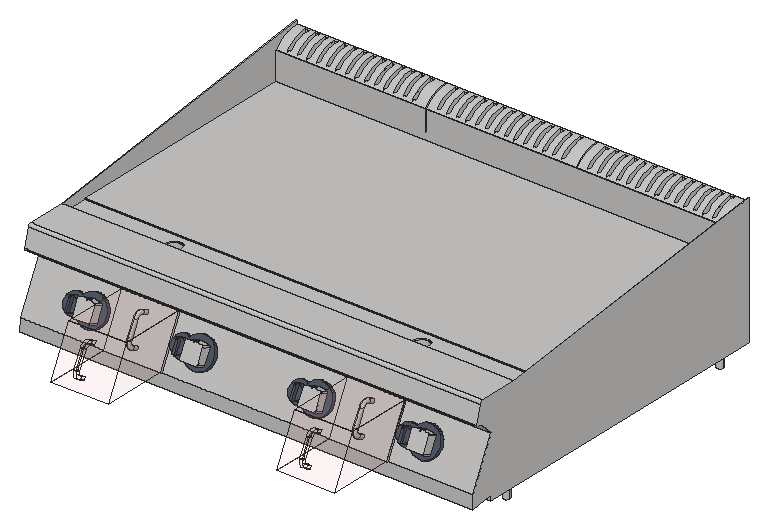
Revit family "QF_ZANUSSI_392406_Z9IIKAAOMIA", category Specialty Equipment, Revit 2018
Family settings
  Round Connector Dimension = Use Diameter
  Part Type = Normal
  Work Plane-Based = No
  Always vertical = Yes
  Cut with Voids When Loaded = No
  Shared = No
  Room Calculation Point = No
Parameters (values of type "Standard")
  Weight = 150.00 kg
  Watts = 0 W
  Volts = 0 V
  URL Manufacturer = "http://www.zanussiprofessional.com"
  URL = "http://www.zanussiprofessional.com"
  Steam Supply Size = 0"
  Steam Supply Minimum Pressure = 0.00 psi
  Steam Supply Maximum Pressure = 0.00 psi
  Steam Pounds per Hour = 0
  Show Logo [instance] = yes
  Show Clearance [instance] = yes
  Refrigeration Suction Line Size = 0"
  Refrigeration Liquid Line Size = 0"
  Refrigerant Compressor Remote = yes
  Phase = 0
  Model = "Z9IIKAAOMIA"
  Manufacturer = "Zanussi"
  Length Actual = 1200 mm  # constant formula
  Item Number = "392406"
  Hot Water Size = 0"
  Height Actual = 250 mm  # constant formula
  HP = "0 HP"
  Gas Size = 1/2"
  Gas KW = 33
  Gas Input Pressure = 1.10632 Btu/h
  Direct Waste Size = 0"
  Description = "GAS FRY TOP HP SMOOTH 1200MM - SCRATCH RESISTANT CHROMIUM"
  Depth Actual = 930 mm  # constant formula
  Cycle = 0 Hz
  Condensate Return Size = 0"
  Compressed Air Volume = 0 GPM
  Compressed Air Size = 0"
  Compressed Air Pressure = 0.00 psi
  Cold Water Size = 0"
  Accessory = yes
Reference planes
  plane 1 "BACK": y = 0
  plane 2: z = 0
  plane 3 "LEFT": x = 0
  plane 4 "RIGHT": x = 1200
  plane 5 "FRONT": y = -915
  plane 6 "TOP": z = 274
  plane 7 "Center Y": x = 600
  plane 8 "Center X": y = -457.5
  plane 9: y = -1106
  plane 10: z = 24
  plane 11: z = 290
  plane 12: z = 410
  plane 13: x = 11
  plane 14: x = 1189
  plane 15: z = 900
  plane 16: z = 995
Forms (mm)
  Extrusion 1, solid, material "QF_Finishes_Stainless Steel"
    sketch origin (0, 0, 626) x (0, 1, 0) y (0, 0, 1)
      loop
        line (0, 24) -> (0, 274) -> (-879.358, 274)
        arc (-879.358, 274) -> (-884.643, 271.811) -> (-886.833, 266.526) r 7.474
        line (-886.833, 266.526) -> (-899.884, 221.011)
        arc (-899.884, 221.011) -> (-899.396, 218.379) -> (-897, 217.184) r 3
        line (-897, 217.184) -> (-886.802, 217.184) -> (-854.982, 185.364) -> (-915, 64.508) -> (-915, 29.508) -> (-858.645, 37.428)
        arc (-858.645, 37.428) -> (-856.101, 36.674) -> (-855, 34.259) r 3.2
        line (-855, 34.259) -> (-855, 24) -> (0, 24)
    from 0 to 1200
  Extrusion 2, solid, material "QF_Finishes_Stainless Steel"
    sketch origin (0, -1, 626) x (1, 0, 0) y (0, 1, 0)
      loop
        circle (11, -81) r 8.5
      loop
        circle (11, -789) r 8.5
      loop
        circle (1191, -81) r 8.5
      loop
        circle (1191, -789) r 8.5
    from 0 to 24
  Extrusion 3, solid, material "QF_Finishes_Stainless Steel"
    sketch origin (635, 203.692, 900) x (0, -1, 0) y (1, 0, 0)
      loop
        line (273.542, 563.412) -> (273.542, -633.413) -> (275.13, -633.413) -> (275.13, 563.412) -> (273.542, 563.412)
    from 0 to 56.233
  Extrusion 4, void
    sketch origin (0, 0, 900) x (0, -1, 0) y (1, 0, 0)
      loop
        line (71.438, 1.587) -> (777.539, 1.587) -> (777.539, 1198.412) -> (71.438, 1198.412) -> (71.438, 1.587)
    from 0 to -21.588
  Extrusion 5, solid, material "QF_Finishes_Stainless Steel"
    sketch origin (0, 0, 650) x (-1, 0, 0) y (0, 1, 0)
      loop
        circle (-1153, -40) r 6.35
      loop
        circle (-1153, -654) r 6.35
    from 0 to 5
  Extrusion 6, solid, material "QF_Clearances", visible <- "Show Clearance", detail levels coarse
    sketch origin (0, 0, 626) x (1, 0, 0) y (0, 1, 0)
      loop
        line (0, 0) -> (1200, 0) -> (1200, -915) -> (1350, -915) -> (1350, 100) -> (-150, 100) -> (-150, -915) -> (0, -915) -> (0, 0)
    from 0 to 369
  Extrusion 7, solid, material "QF_Finishes_Stainless Steel"
    sketch origin (0, 0, 626) x (0, 1, 0) y (0, 0, 1)
      loop
        line (-777.539, 254) -> (-777.539, 252.413) -> (-81.438, 252.413) -> (-81.438, 254) -> (-777.539, 254)
    from 1.587 to 1198.412
  Extrusion 8, void
    sketch origin (656.521, 0, 626) x (1, 0, 0) y (0, 1, 0)
      loop
        circle (271.879, -743.736) r 20
    from 235.859 to 256.719
  Extrusion 9, solid, material "QF_Finishes_Stainless Steel"
    sketch origin (-15.442, 0, 626) x (0, 1, 0) y (0, 0, 1)
      loop
        line (0, 274) -> (0, 369) -> (-777.539, 274) -> (0, 274)
    from 15.442 to 17.03
  Extrusion 10, solid, material "QF_Finishes_Stainless Steel"
    sketch origin (23.617, -107.539, 881) x (-1, 0, 0) y (0, 1, 0)
      loop
        line (22.03, -600) -> (22.03, 36.101) -> (-1174.795, 36.101) -> (-1174.795, -600) -> (22.03, -600)
    from 0 to -2
  Extrusion 11, solid, material "QF_Finishes_Stainless Steel"
    sketch origin (0, 0, 655.962) x (0, 1, 0) y (0, 0, 1)
      loop
        line (0, 244.038) -> (0, 331.354)
        arc (0, 331.354) -> (-38.768, 324.268) -> (-69.85, 300.038) r 82.671
        line (-69.85, 300.038) -> (-69.85, 244.038) -> (0, 244.038)
    from 1.588 to 400
  Extrusion 12, void
    sketch origin (0, 0, 930.6) x (0, -1, 0) y (1, 0, 0)
      loop
        line (6.761, 29.703) -> (63.911, 29.703) -> (63.911, 38.999) -> (6.761, 38.999) -> (6.761, 29.703)
      loop
        line (63.911, 64.487) -> (6.761, 64.487) -> (6.761, 55.191) -> (63.911, 55.191) -> (63.911, 64.487)
      loop
        line (63.911, 89.975) -> (6.761, 89.975) -> (6.761, 80.68) -> (63.911, 80.68) -> (63.911, 89.975)
      loop
        line (63.911, 115.464) -> (6.761, 115.464) -> (6.761, 106.168) -> (63.911, 106.168) -> (63.911, 115.464)
      loop
        line (63.911, 140.952) -> (6.761, 140.952) -> (6.761, 131.656) -> (63.911, 131.656) -> (63.911, 140.952)
      loop
        line (63.911, 166.44) -> (6.761, 166.44) -> (6.761, 157.145) -> (63.911, 157.145) -> (63.911, 166.44)
      loop
        line (63.911, 191.929) -> (6.761, 191.929) -> (6.761, 182.633) -> (63.911, 182.633) -> (63.911, 191.929)
      loop
        line (63.911, 217.417) -> (6.761, 217.417) -> (6.761, 208.121) -> (63.911, 208.121) -> (63.911, 217.417)
      loop
        line (63.911, 242.905) -> (6.761, 242.905) -> (6.761, 233.61) -> (63.911, 233.61) -> (63.911, 242.905)
      loop
        line (63.911, 268.394) -> (6.761, 268.394) -> (6.761, 259.098) -> (63.911, 259.098) -> (63.911, 268.394)
      loop
        line (63.911, 293.882) -> (6.761, 293.882) -> (6.761, 284.586) -> (63.911, 284.586) -> (63.911, 293.882)
      loop
        line (63.911, 319.37) -> (6.761, 319.37) -> (6.761, 310.075) -> (63.911, 310.075) -> (63.911, 319.37)
      loop
        line (63.911, 344.859) -> (6.761, 344.859) -> (6.761, 335.563) -> (63.911, 335.563) -> (63.911, 344.859)
      loop
        line (63.911, 370.347) -> (6.761, 370.347) -> (6.761, 361.051) -> (63.911, 361.051) -> (63.911, 370.347)
    from 25.4 to 63.5
  Extrusion 13, solid, material "QF_Finishes_Stainless Steel"
    sketch origin (800, 0, 655.962) x (0, 1, 0) y (0, 0, -1)
      loop
        line (0, -244.038) -> (-69.85, -244.038) -> (-69.85, -300.038)
        arc (-69.85, -300.038) -> (-38.626, -323.809) -> (0, -330.737) r 83.705
        line (0, -330.737) -> (0, -244.038)
    from 0 to 400
  Extrusion 14, void
    sketch origin (596.143, 0, 930.6) x (0, -1, 0) y (1, 0, 0)
      loop
        line (6.761, 170.297) -> (6.761, 161.001) -> (63.911, 161.001) -> (63.911, 170.297) -> (6.761, 170.297)
      loop
        line (63.911, 135.513) -> (63.911, 144.809) -> (6.761, 144.809) -> (6.761, 135.513) -> (63.911, 135.513)
      loop
        line (63.911, 110.025) -> (63.911, 119.32) -> (6.761, 119.32) -> (6.761, 110.025) -> (63.911, 110.025)
      loop
        line (63.911, 84.536) -> (63.911, 93.832) -> (6.761, 93.832) -> (6.761, 84.536) -> (63.911, 84.536)
      loop
        line (63.911, 59.048) -> (63.911, 68.344) -> (6.761, 68.344) -> (6.761, 59.048) -> (63.911, 59.048)
      loop
        line (63.911, 33.56) -> (63.911, 42.855) -> (6.761, 42.855) -> (6.761, 33.56) -> (63.911, 33.56)
      loop
        line (63.911, 8.071) -> (63.911, 17.367) -> (6.761, 17.367) -> (6.761, 8.071) -> (63.911, 8.071)
      loop
        line (63.911, -17.417) -> (63.911, -8.121) -> (6.761, -8.121) -> (6.761, -17.417) -> (63.911, -17.417)
      loop
        line (63.911, -42.905) -> (63.911, -33.61) -> (6.761, -33.61) -> (6.761, -42.905) -> (63.911, -42.905)
      loop
        line (63.911, -68.394) -> (63.911, -59.098) -> (6.761, -59.098) -> (6.761, -68.394) -> (63.911, -68.394)
      loop
        line (63.911, -93.882) -> (63.911, -84.586) -> (6.761, -84.586) -> (6.761, -93.882) -> (63.911, -93.882)
      loop
        line (63.911, -119.37) -> (63.911, -110.075) -> (6.761, -110.075) -> (6.761, -119.37) -> (63.911, -119.37)
      loop
        line (63.911, -144.859) -> (63.911, -135.563) -> (6.761, -135.563) -> (6.761, -144.859) -> (63.911, -144.859)
      loop
        line (63.911, -170.347) -> (63.911, -161.051) -> (6.761, -161.051) -> (6.761, -170.347) -> (63.911, -170.347)
    from 25.4 to 63.5
  Extrusion 15, solid, material "QF_Finishes_Stainless Steel"
    sketch origin (170, -884.991, 750.936) x (1, 0, 0) y (0, 0.444781, 0.895639)
      loop
        arc (-21.147, 22.789) -> (-22.494, 21.685) -> (-23, 20.019) r 2.997
        line (-23, 20.019) -> (-23, -20.019)
        arc (-23, -20.019) -> (-22.122, -22.138) -> (-20.003, -23.016) r 2.997
        line (-20.003, -23.016) -> (20.003, -23.016)
        arc (20.003, -23.016) -> (22.122, -22.138) -> (23, -20.019) r 2.997
        line (23, -20.019) -> (23, 20.019)
        arc (23, 20.019) -> (22.494, 21.685) -> (21.147, 22.789) r 2.997
        arc (21.147, 22.789) -> (0, 26.984) -> (-21.147, 22.789) r 55.4
    from 10 to 34
  Extrusion 16, solid, material "QF_Finishes_Stainless Steel"
    sketch origin (170, -884.991, 750.936) x (1, 0, 0) y (0, 0.444781, 0.895639)
      loop
        line (17.5, 17.5) -> (-17.5, 17.5) -> (-17.5, -17.5) -> (17.5, -17.5) -> (17.5, 17.5)
    from 5 to 10
  Extrusion 17, solid, material "QF_Plastic-Black-Matte"
    sketch origin (112.5, -884.991, 750.936) x (0, 0.444781, 0.895639) y (0, 0.895639, -0.444781)
      loop
        line (26.984, -34) -> (23.984, -34) -> (23.984, -35) -> (26.984, -35)
        arc (26.984, -35) -> (27.691, -34.707) -> (27.984, -34) r 1
        line (27.984, -34) -> (27.984, -19) -> (26.984, -19) -> (26.984, -34)
    from -58.5 to -56.5
  Extrusion 18, solid, material "QF_Finishes_Stainless Steel"
    sketch origin (655, -884.991, 750.936) x (1, 0, 0) y (0, 0.444781, 0.895639)
      loop
        arc (378.853, 22.789) -> (377.506, 21.685) -> (377, 20.019) r 2.997
        line (377, 20.019) -> (377, -20.019)
        arc (377, -20.019) -> (377.878, -22.138) -> (379.997, -23.016) r 2.997
        line (379.997, -23.016) -> (420.003, -23.016)
        arc (420.003, -23.016) -> (422.122, -22.138) -> (423, -20.019) r 2.997
        line (423, -20.019) -> (423, 20.019)
        arc (423, 20.019) -> (422.494, 21.685) -> (421.147, 22.789) r 2.997
        arc (421.147, 22.789) -> (400, 26.984) -> (378.853, 22.789) r 55.4
    from 10 to 34
  Extrusion 19, solid, material "QF_Finishes_Stainless Steel"
    sketch origin (655, -884.991, 750.936) x (1, 0, 0) y (0, 0.444781, 0.895639)
      loop
        line (417.5, 17.5) -> (382.5, 17.5) -> (382.5, -17.5) -> (417.5, -17.5) -> (417.5, 17.5)
    from 5 to 10
  Extrusion 20, solid, material "QF_Plastic-Black-Matte"
    sketch origin (997.5, -884.991, 750.936) x (0, 0.444781, 0.895639) y (0, 0.895639, -0.444781)
      loop
        line (26.984, -34) -> (23.984, -34) -> (23.984, -35) -> (26.984, -35)
        arc (26.984, -35) -> (27.691, -34.707) -> (27.984, -34) r 1
        line (27.984, -34) -> (27.984, -19) -> (26.984, -19) -> (26.984, -34)
    from -58.5 to -56.5
  Extrusion 21, solid, material "QF_Finishes_Stainless Steel"
    sketch origin (498.735, -295.047, 230.1) x (0, 0.444781, 0.895639) y (-1, 0, 0)
      loop
        line (136.616, 122.735) -> (271.616, 122.735) -> (271.616, 274.735) -> (136.616, 274.735) -> (136.616, 122.735)
    from 760.035 to 763.551
  Sweep 22, solid, material "QF_Finishes_Stainless Steel"
    path origin (298.545, 126.359, 733.982) x (0, -0.444781, -0.895639) y (0, -0.895639, 0.444781)
      loop
        line (468.014, 916.861) -> (468.014, 932.736)
        arc (468.014, 932.736) -> (464.793, 940.513) -> (457.015, 943.735) r 10.999
        line (457.015, 943.735) -> (410.212, 943.735)
        arc (410.212, 943.735) -> (402.435, 940.513) -> (399.214, 932.736) r 10.999
        line (399.214, 932.736) -> (399.214, 916.861)
    profile origin (298.545, -879.49, 787.764) x (0, -0.444781, -0.895639) y (-1, 0, 0)
      loop
        circle (-4.691, 0) r 4.691
  Extrusion 23, solid, material "QF_Finishes_Clearance"
    sketch origin (2.32, -294.882, 229.583) x (0, 0.895639, -0.444781) y (0, 0.444781, 0.895639)
      loop
        line (-763.929, 272.005) -> (-920.503, 194.25) -> (-920.503, 59.25) -> (-763.929, 137.005) -> (-763.929, 272.005)
    from 221.68 to 374.05
  Extrusion 24, solid, material "QF_Finishes_Clearance"
    sketch origin (7.32, -283.593, 171.621) x (0, 0.895639, -0.444781) y (0, 0.444781, 0.895639)
      loop
        line (-972.705, 212.765) -> (-956.394, 212.765) -> (-956.394, 222.134) -> (-972.749, 222.134)
        arc (-972.749, 222.134) -> (-986.81, 216.31) -> (-992.634, 202.249) r 19.885
        line (-992.634, 202.249) -> (-992.634, 154.481)
        arc (-992.634, 154.481) -> (-986.81, 140.42) -> (-972.749, 134.596) r 19.885
        line (-972.749, 134.596) -> (-956.394, 134.582) -> (-956.394, 143.982) -> (-972.749, 143.982)
        arc (-972.749, 143.982) -> (-980.163, 147.067) -> (-983.234, 154.481) r 10.485
        line (-983.234, 154.481) -> (-983.234, 202.249)
        arc (-983.234, 202.249) -> (-980.163, 209.663) -> (-972.749, 212.734) r 10.485
    from 286.527 to 295.917
  Extrusion 25, solid, material "QF_Finishes_Stainless Steel"
    sketch origin (1200, 0, 655.962) x (0, 1, 0) y (0, 0, -1)
      loop
        line (0, -244.038) -> (-69.85, -244.038) -> (-69.85, -300.038)
        arc (-69.85, -300.038) -> (-38.626, -323.809) -> (0, -330.737) r 83.705
        line (0, -330.737) -> (0, -244.038)
    from 1.587 to 400
  Extrusion 26, void
    sketch origin (996.143, 0, 930.6) x (0, -1, 0) y (1, 0, 0)
      loop
        line (6.761, 170.297) -> (6.761, 161.001) -> (63.911, 161.001) -> (63.911, 170.297) -> (6.761, 170.297)
      loop
        line (63.911, 135.513) -> (63.911, 144.809) -> (6.761, 144.809) -> (6.761, 135.513) -> (63.911, 135.513)
      loop
        line (63.911, 110.025) -> (63.911, 119.32) -> (6.761, 119.32) -> (6.761, 110.025) -> (63.911, 110.025)
      loop
        line (63.911, 84.536) -> (63.911, 93.832) -> (6.761, 93.832) -> (6.761, 84.536) -> (63.911, 84.536)
      loop
        line (63.911, 59.048) -> (63.911, 68.344) -> (6.761, 68.344) -> (6.761, 59.048) -> (63.911, 59.048)
      loop
        line (63.911, 33.56) -> (63.911, 42.855) -> (6.761, 42.855) -> (6.761, 33.56) -> (63.911, 33.56)
      loop
        line (63.911, 8.071) -> (63.911, 17.367) -> (6.761, 17.367) -> (6.761, 8.071) -> (63.911, 8.071)
      loop
        line (63.911, -17.417) -> (63.911, -8.121) -> (6.761, -8.121) -> (6.761, -17.417) -> (63.911, -17.417)
      loop
        line (63.911, -42.905) -> (63.911, -33.61) -> (6.761, -33.61) -> (6.761, -42.905) -> (63.911, -42.905)
      loop
        line (63.911, -68.394) -> (63.911, -59.098) -> (6.761, -59.098) -> (6.761, -68.394) -> (63.911, -68.394)
      loop
        line (63.911, -93.882) -> (63.911, -84.586) -> (6.761, -84.586) -> (6.761, -93.882) -> (63.911, -93.882)
      loop
        line (63.911, -119.37) -> (63.911, -110.075) -> (6.761, -110.075) -> (6.761, -119.37) -> (63.911, -119.37)
      loop
        line (63.911, -144.859) -> (63.911, -135.563) -> (6.761, -135.563) -> (6.761, -144.859) -> (63.911, -144.859)
      loop
        line (63.911, -170.347) -> (63.911, -161.051) -> (6.761, -161.051) -> (6.761, -170.347) -> (63.911, -170.347)
    from 25.4 to 63.5
  Extrusion 27, solid, material "QF_Finishes_Stainless Steel"
    sketch origin (1215.442, 0, 626) x (0, 1, 0) y (0, 0, -1)
      loop
        line (0, -274) -> (-777.539, -274) -> (0, -369) -> (0, -274)
    from 15.442 to 17.03
  Extrusion 28, solid, material "QF_Finishes_Stainless Steel"
    sketch origin (10.04, 0, 726.828) x (0, 0, 1) y (1, 0, 0)
      loop
        circle (-34.828, 1142.96) r 6.5
    from 0 to 10
  Extrusion 29, solid, material "QF_Finishes_Stainless Steel"
    sketch origin (1098.735, -295.047, 230.1) x (0, 0.444781, 0.895639) y (-1, 0, 0)
      loop
        line (136.616, 122.735) -> (271.616, 122.735) -> (271.616, 274.735) -> (136.616, 274.735) -> (136.616, 122.735)
    from 760.035 to 763.551
  Sweep 30, solid, material "QF_Finishes_Stainless Steel"
    path origin (898.545, 126.359, 733.982) x (0, -0.444781, -0.895639) y (0, -0.895639, 0.444781)
      loop
        line (468.014, 916.861) -> (468.014, 932.736)
        arc (468.014, 932.736) -> (464.793, 940.513) -> (457.015, 943.735) r 10.999
        line (457.015, 943.735) -> (410.212, 943.735)
        arc (410.212, 943.735) -> (402.435, 940.513) -> (399.214, 932.736) r 10.999
        line (399.214, 932.736) -> (399.214, 916.861)
    profile origin (898.545, -879.49, 787.764) x (0, -0.444781, -0.895639) y (-1, 0, 0)
      loop
        circle (-4.691, 0) r 4.691
  Extrusion 31, solid, material "QF_Finishes_Stainless Steel"
    sketch origin (455, -884.991, 750.936) x (1, 0, 0) y (0, 0.444781, 0.895639)
      loop
        arc (-21.147, 22.789) -> (-22.494, 21.685) -> (-23, 20.019) r 2.997
        line (-23, 20.019) -> (-23, -20.019)
        arc (-23, -20.019) -> (-22.122, -22.138) -> (-20.003, -23.016) r 2.997
        line (-20.003, -23.016) -> (20.003, -23.016)
        arc (20.003, -23.016) -> (22.122, -22.138) -> (23, -20.019) r 2.997
        line (23, -20.019) -> (23, 20.019)
        arc (23, 20.019) -> (22.494, 21.685) -> (21.147, 22.789) r 2.997
        arc (21.147, 22.789) -> (0, 26.984) -> (-21.147, 22.789) r 55.4
    from 10 to 34
  Extrusion 32, solid, material "QF_Finishes_Stainless Steel"
    sketch origin (455, -884.991, 750.936) x (1, 0, 0) y (0, 0.444781, 0.895639)
      loop
        line (17.5, 17.5) -> (-17.5, 17.5) -> (-17.5, -17.5) -> (17.5, -17.5) -> (17.5, 17.5)
    from 5 to 10
  Extrusion 33, solid, material "QF_Plastic-Black-Matte"
    sketch origin (397.5, -884.991, 750.936) x (0, 0.444781, 0.895639) y (0, 0.895639, -0.444781)
      loop
        line (26.984, -34) -> (23.984, -34) -> (23.984, -35) -> (26.984, -35)
        arc (26.984, -35) -> (27.691, -34.707) -> (27.984, -34) r 1
        line (27.984, -34) -> (27.984, -19) -> (26.984, -19) -> (26.984, -34)
    from -58.5 to -56.5
  Extrusion 34, solid, material "QF_Finishes_Stainless Steel"
    sketch origin (367.5, -884.991, 750.936) x (1, 0, 0) y (0, 0.444781, 0.895639)
      loop
        arc (378.853, 22.789) -> (377.506, 21.685) -> (377, 20.019) r 2.997
        line (377, 20.019) -> (377, -20.019)
        arc (377, -20.019) -> (377.878, -22.138) -> (379.997, -23.016) r 2.997
        line (379.997, -23.016) -> (420.003, -23.016)
        arc (420.003, -23.016) -> (422.122, -22.138) -> (423, -20.019) r 2.997
        line (423, -20.019) -> (423, 20.019)
        arc (423, 20.019) -> (422.494, 21.685) -> (421.147, 22.789) r 2.997
        arc (421.147, 22.789) -> (400, 26.984) -> (378.853, 22.789) r 55.4
    from 10 to 34
  Extrusion 35, solid, material "QF_Finishes_Stainless Steel"
    sketch origin (367.5, -884.991, 750.936) x (1, 0, 0) y (0, 0.444781, 0.895639)
      loop
        line (417.5, 17.5) -> (382.5, 17.5) -> (382.5, -17.5) -> (417.5, -17.5) -> (417.5, 17.5)
    from 5 to 10
  Extrusion 36, solid, material "QF_Plastic-Black-Matte"
    sketch origin (710, -884.991, 750.936) x (0, 0.444781, 0.895639) y (0, 0.895639, -0.444781)
      loop
        line (26.984, -34) -> (23.984, -34) -> (23.984, -35) -> (26.984, -35)
        arc (26.984, -35) -> (27.691, -34.707) -> (27.984, -34) r 1
        line (27.984, -34) -> (27.984, -19) -> (26.984, -19) -> (26.984, -34)
    from -58.5 to -56.5
  Extrusion 37, solid, material "QF_Finishes_Clearance"
    sketch origin (602.32, -294.882, 229.583) x (0, 0.895639, -0.444781) y (0, 0.444781, 0.895639)
      loop
        line (-763.929, 272.005) -> (-920.503, 194.25) -> (-920.503, 59.25) -> (-763.929, 137.005) -> (-763.929, 272.005)
    from 221.68 to 374.05
  Extrusion 38, solid, material "QF_Finishes_Clearance"
    sketch origin (607.32, -283.593, 171.621) x (0, 0.895639, -0.444781) y (0, 0.444781, 0.895639)
      loop
        line (-972.705, 212.765) -> (-956.394, 212.765) -> (-956.394, 222.134) -> (-972.749, 222.134)
        arc (-972.749, 222.134) -> (-986.81, 216.31) -> (-992.634, 202.249) r 19.885
        line (-992.634, 202.249) -> (-992.634, 154.481)
        arc (-992.634, 154.481) -> (-986.81, 140.42) -> (-972.749, 134.596) r 19.885
        line (-972.749, 134.596) -> (-956.394, 134.582) -> (-956.394, 143.982) -> (-972.749, 143.982)
        arc (-972.749, 143.982) -> (-980.163, 147.067) -> (-983.234, 154.481) r 10.485
        line (-983.234, 154.481) -> (-983.234, 202.249)
        arc (-983.234, 202.249) -> (-980.163, 209.663) -> (-972.749, 212.734) r 10.485
    from 286.527 to 295.917
  Extrusion 39, void
    sketch origin (-0.279, 0, 626) x (1, 0, 0) y (0, 1, 0)
      loop
        circle (271.879, -743.736) r 20
    from 235.859 to 256.719
  Extrusion 40, solid, material "Navy Blue"
    sketch origin (-38.542, -294.248, 234.429) x (0, 0.444781, 0.895639) y (-1, 0, 0)
      loop
        arc (177.675, -177.037) -> (201.406, -249.237) -> (225.137, -177.037) r 40
        arc (225.137, -177.037) -> (201.406, -135.498) -> (177.675, -177.037) r 27.548
    from 758.825 to 766.387
  Extrusion 41, solid, material "Navy Blue"
    sketch origin (-65.437, -295.124, 236.416) x (0, 0.444781, 0.895639) y (-1, 0, 0)
      loop
        circle (199.561, -189.616) r 19.05
    from 766.387 to 780.308
  Extrusion 42, solid, material "Navy Blue"
    sketch origin (-65.437, -307.592, 242.608) x (0, 0.444781, 0.895639) y (-1, 0, 0)
      loop
        arc (217.539, -192.791) -> (217.709, -191.604) -> (217.8, -190.409) r 18.256
        line (217.8, -190.409) -> (214.102, -190.409) -> (214.102, -188.822) -> (217.8, -188.822)
        arc (217.8, -188.822) -> (217.709, -187.627) -> (217.539, -186.441) r 18.256
        line (217.539, -186.441) -> (181.583, -186.441)
        arc (181.583, -186.441) -> (181.305, -189.616) -> (181.583, -192.791) r 18.256
        line (181.583, -192.791) -> (217.539, -192.791)
    from 766.387 to 773.392
  Extrusion 43, solid, material "Navy Blue"
    sketch origin (246.458, -294.248, 234.429) x (0, 0.444781, 0.895639) y (-1, 0, 0)
      loop
        arc (177.675, -177.037) -> (201.406, -249.237) -> (225.137, -177.037) r 40
        arc (225.137, -177.037) -> (201.406, -135.498) -> (177.675, -177.037) r 27.548
    from 758.825 to 766.387
  Extrusion 44, solid, material "Navy Blue"
    sketch origin (219.563, -295.124, 236.416) x (0, 0.444781, 0.895639) y (-1, 0, 0)
      loop
        circle (199.561, -189.616) r 19.05
    from 766.387 to 780.308
  Extrusion 45, solid, material "Navy Blue"
    sketch origin (219.563, -307.592, 242.608) x (0, 0.444781, 0.895639) y (-1, 0, 0)
      loop
        arc (217.539, -192.791) -> (217.709, -191.604) -> (217.8, -190.409) r 18.256
        line (217.8, -190.409) -> (214.102, -190.409) -> (214.102, -188.822) -> (217.8, -188.822)
        arc (217.8, -188.822) -> (217.709, -187.627) -> (217.539, -186.441) r 18.256
        line (217.539, -186.441) -> (181.583, -186.441)
        arc (181.583, -186.441) -> (181.305, -189.616) -> (181.583, -192.791) r 18.256
        line (181.583, -192.791) -> (217.539, -192.791)
    from 766.387 to 773.392
  Extrusion 46, solid, material "Navy Blue"
    sketch origin (558.958, -294.248, 234.429) x (0, 0.444781, 0.895639) y (-1, 0, 0)
      loop
        arc (177.675, -177.037) -> (201.406, -249.237) -> (225.137, -177.037) r 40
        arc (225.137, -177.037) -> (201.406, -135.498) -> (177.675, -177.037) r 27.548
    from 758.825 to 766.387
  Extrusion 47, solid, material "Navy Blue"
    sketch origin (532.063, -295.124, 236.416) x (0, 0.444781, 0.895639) y (-1, 0, 0)
      loop
        circle (199.561, -189.616) r 19.05
    from 766.387 to 780.308
  Extrusion 48, solid, material "Navy Blue"
    sketch origin (532.063, -307.592, 242.608) x (0, 0.444781, 0.895639) y (-1, 0, 0)
      loop
        arc (217.539, -192.791) -> (217.709, -191.604) -> (217.8, -190.409) r 18.256
        line (217.8, -190.409) -> (214.102, -190.409) -> (214.102, -188.822) -> (217.8, -188.822)
        arc (217.8, -188.822) -> (217.709, -187.627) -> (217.539, -186.441) r 18.256
        line (217.539, -186.441) -> (181.583, -186.441)
        arc (181.583, -186.441) -> (181.305, -189.616) -> (181.583, -192.791) r 18.256
        line (181.583, -192.791) -> (217.539, -192.791)
    from 766.387 to 773.392
  Extrusion 49, solid, material "Navy Blue"
    sketch origin (846.458, -294.248, 234.429) x (0, 0.444781, 0.895639) y (-1, 0, 0)
      loop
        arc (177.675, -177.037) -> (201.406, -249.237) -> (225.137, -177.037) r 40
        arc (225.137, -177.037) -> (201.406, -135.498) -> (177.675, -177.037) r 27.548
    from 758.825 to 766.387
  Extrusion 50, solid, material "Navy Blue"
    sketch origin (819.563, -295.124, 236.416) x (0, 0.444781, 0.895639) y (-1, 0, 0)
      loop
        circle (199.561, -189.616) r 19.05
    from 766.387 to 780.308
  Extrusion 51, solid, material "Navy Blue"
    sketch origin (819.563, -307.592, 242.608) x (0, 0.444781, 0.895639) y (-1, 0, 0)
      loop
        arc (217.539, -192.791) -> (217.709, -191.604) -> (217.8, -190.409) r 18.256
        line (217.8, -190.409) -> (214.102, -190.409) -> (214.102, -188.822) -> (217.8, -188.822)
        arc (217.8, -188.822) -> (217.709, -187.627) -> (217.539, -186.441) r 18.256
        line (217.539, -186.441) -> (181.583, -186.441)
        arc (181.583, -186.441) -> (181.305, -189.616) -> (181.583, -192.791) r 18.256
        line (181.583, -192.791) -> (217.539, -192.791)
    from 766.387 to 773.392
Cuts and joins
  Extrusion 4, Extrusion 8, Extrusion 39 cuts Extrusion 1
  Extrusion 39 cuts Extrusion 3
  Extrusion 39 cuts Extrusion 9
  Extrusion 39 cuts Extrusion 27
  joined: Extrusion 1, Extrusion 3, Extrusion 9, Extrusion 27
  Extrusion 8, Extrusion 39 cuts Extrusion 7
  Extrusion 12, Extrusion 14 cuts Extrusion 11
  Extrusion 14, Extrusion 26 cuts Extrusion 13
  Extrusion 26 cuts Extrusion 25
Lines and regions (mm)
  symbolic lines, style "QF_Clearances", visible <- "Show Clearance", detail levels coarse
    curve 1: line (1350, -915, 0) -> (1350, 100, 0)
    curve 2: line (1350, 100, 0) -> (-150, 100, 0)
    curve 3: line (-150, 100, 0) -> (-150, -915, 0)
  symbolic lines
    curve 4: line (1200, -915, 0) -> (1200, 0, 0)
    curve 5: line (1200, 0, 0) -> (0, 0, 0)
    curve 6: line (0, 0, 0) -> (0, -915, 0)
    curve 7: line (1198.412, -777.539, 0) -> (1.588, -777.539, 0)
    curve 8: line (1198.412, -707.539, 0) -> (1.588, -707.539, 0)
    curve 9: line (1.588, 0, 0) -> (1.588, -777.539, 0)
    curve 10: line (1198.412, -71.438, 0) -> (1.588, -71.438, 0)
    curve 11: line (1198.412, -777.539, 0) -> (1198.412, 0, 0)
    curve 12: line (38.999, -6.761, 0) -> (38.999, -63.911, 0)
    curve 13: line (38.999, -63.911, 0) -> (29.703, -63.911, 0)
    curve 14: line (29.703, -63.911, 0) -> (29.703, -6.761, 0)
    curve 15: line (29.703, -6.761, 0) -> (38.999, -6.761, 0)
    curve 16: line (55.191, -63.911, 0) -> (55.191, -6.761, 0)
    curve 17: line (55.191, -6.761, 0) -> (64.487, -6.761, 0)
    curve 18: line (64.487, -6.761, 0) -> (64.487, -63.911, 0)
    curve 19: line (64.487, -63.911, 0) -> (55.191, -63.911, 0)
    curve 20: line (89.975, -6.761, 0) -> (89.975, -63.911, 0)
    curve 21: line (89.975, -63.911, 0) -> (80.68, -63.911, 0)
    curve 22: line (80.68, -63.911, 0) -> (80.68, -6.761, 0)
    curve 23: line (80.68, -6.761, 0) -> (89.975, -6.761, 0)
    curve 24: line (115.464, -6.761, 0) -> (115.464, -63.911, 0)
    curve 25: line (115.464, -63.911, 0) -> (106.168, -63.911, 0)
    curve 26: line (106.168, -63.911, 0) -> (106.168, -6.761, 0)
    curve 27: line (106.168, -6.761, 0) -> (115.464, -6.761, 0)
    curve 28: line (140.952, -6.761, 0) -> (140.952, -63.911, 0)
    curve 29: line (140.952, -63.911, 0) -> (131.656, -63.911, 0)
    curve 30: line (131.656, -63.911, 0) -> (131.656, -6.761, 0)
    curve 31: line (131.656, -6.761, 0) -> (140.952, -6.761, 0)
    curve 32: line (166.44, -6.761, 0) -> (166.44, -63.911, 0)
    curve 33: line (166.44, -63.911, 0) -> (157.145, -63.911, 0)
    curve 34: line (157.145, -63.911, 0) -> (157.145, -6.761, 0)
    curve 35: line (157.145, -6.761, 0) -> (166.44, -6.761, 0)
    curve 36: line (191.929, -6.761, 0) -> (191.929, -63.911, 0)
    curve 37: line (191.929, -63.911, 0) -> (182.633, -63.911, 0)
    curve 38: line (182.633, -63.911, 0) -> (182.633, -6.761, 0)
    curve 39: line (182.633, -6.761, 0) -> (191.929, -6.761, 0)
    curve 40: line (208.121, -63.911, 0) -> (208.121, -6.761, 0)
    curve 41: line (208.121, -6.761, 0) -> (217.417, -6.761, 0)
    curve 42: line (217.417, -6.761, 0) -> (217.417, -63.911, 0)
    curve 43: line (217.417, -63.911, 0) -> (208.121, -63.911, 0)
    curve 44: line (361.001, -6.761, 0) -> (361.001, -63.911, 0)
    curve 45: line (361.001, -63.911, 0) -> (370.297, -63.911, 0)
    curve 46: line (370.297, -63.911, 0) -> (370.297, -6.761, 0)
    curve 47: line (370.297, -6.761, 0) -> (361.001, -6.761, 0)
    curve 48: line (344.809, -63.911, 0) -> (344.809, -6.761, 0)
    curve 49: line (344.809, -6.761, 0) -> (335.513, -6.761, 0)
    curve 50: line (335.513, -6.761, 0) -> (335.513, -63.911, 0)
    curve 51: line (335.513, -63.911, 0) -> (344.809, -63.911, 0)
    curve 52: line (310.025, -6.761, 0) -> (310.025, -63.911, 0)
    curve 53: line (310.025, -63.911, 0) -> (319.32, -63.911, 0)
    curve 54: line (319.32, -63.911, 0) -> (319.32, -6.761, 0)
    curve 55: line (319.32, -6.761, 0) -> (310.025, -6.761, 0)
    curve 56: line (284.536, -6.761, 0) -> (284.536, -63.911, 0)
    curve 57: line (284.536, -63.911, 0) -> (293.832, -63.911, 0)
    curve 58: line (293.832, -63.911, 0) -> (293.832, -6.761, 0)
    curve 59: line (293.832, -6.761, 0) -> (284.536, -6.761, 0)
    curve 60: line (259.048, -6.761, 0) -> (259.048, -63.911, 0)
    curve 61: line (259.048, -63.911, 0) -> (268.344, -63.911, 0)
    curve 62: line (268.344, -63.911, 0) -> (268.344, -6.761, 0)
    curve 63: line (268.344, -6.761, 0) -> (259.048, -6.761, 0)
    curve 64: line (233.56, -6.761, 0) -> (233.56, -63.911, 0)
    curve 65: line (233.56, -63.911, 0) -> (242.855, -63.911, 0)
    curve 66: line (242.855, -63.911, 0) -> (242.855, -6.761, 0)
    curve 67: line (242.855, -6.761, 0) -> (233.56, -6.761, 0)
    curve 68: arc (908.4, -743.736, 0) -> (928.4, -723.736, 0) -> (948.4, -743.736, 0) r 20
    curve 69: arc (908.4, -743.736, 0) -> (928.4, -763.736, 0) -> (948.4, -743.736, 0) r 20
    curve 70: line (757.095, -6.761, 0) -> (757.095, -63.911, 0)
    curve 71: line (757.095, -63.911, 0) -> (766.39, -63.911, 0)
    curve 72: line (766.39, -63.911, 0) -> (766.39, -6.761, 0)
    curve 73: line (766.39, -6.761, 0) -> (757.095, -6.761, 0)
    curve 74: line (740.902, -63.911, 0) -> (740.902, -6.761, 0)
    curve 75: line (740.902, -6.761, 0) -> (731.606, -6.761, 0)
    curve 76: line (731.606, -6.761, 0) -> (731.606, -63.911, 0)
    curve 77: line (731.606, -63.911, 0) -> (740.902, -63.911, 0)
    curve 78: line (706.118, -6.761, 0) -> (706.118, -63.911, 0)
    curve 79: line (706.118, -63.911, 0) -> (715.414, -63.911, 0)
    curve 80: line (715.414, -63.911, 0) -> (715.414, -6.761, 0)
    curve 81: line (715.414, -6.761, 0) -> (706.118, -6.761, 0)
    curve 82: line (680.63, -6.761, 0) -> (680.63, -63.911, 0)
    curve 83: line (680.63, -63.911, 0) -> (689.925, -63.911, 0)
    curve 84: line (689.925, -63.911, 0) -> (689.925, -6.761, 0)
    curve 85: line (689.925, -6.761, 0) -> (680.63, -6.761, 0)
    curve 86: line (655.141, -6.761, 0) -> (655.141, -63.911, 0)
    curve 87: line (655.141, -63.911, 0) -> (664.437, -63.911, 0)
    curve 88: line (664.437, -63.911, 0) -> (664.437, -6.761, 0)
    curve 89: line (664.437, -6.761, 0) -> (655.141, -6.761, 0)
    curve 90: line (629.653, -6.761, 0) -> (629.653, -63.911, 0)
    curve 91: line (629.653, -63.911, 0) -> (638.949, -63.911, 0)
    curve 92: line (638.949, -63.911, 0) -> (638.949, -6.761, 0)
    curve 93: line (638.949, -6.761, 0) -> (629.653, -6.761, 0)
    curve 94: line (604.164, -6.761, 0) -> (604.164, -63.911, 0)
    curve 95: line (604.164, -63.911, 0) -> (613.46, -63.911, 0)
    curve 96: line (613.46, -63.911, 0) -> (613.46, -6.761, 0)
    curve 97: line (613.46, -6.761, 0) -> (604.164, -6.761, 0)
    curve 98: line (587.972, -63.911, 0) -> (587.972, -6.761, 0)
    curve 99: line (587.972, -6.761, 0) -> (578.676, -6.761, 0)
    curve 100: line (578.676, -6.761, 0) -> (578.676, -63.911, 0)
    curve 101: line (578.676, -63.911, 0) -> (587.972, -63.911, 0)
    curve 102: line (435.092, -6.761, 0) -> (435.092, -63.911, 0)
    curve 103: line (435.092, -63.911, 0) -> (425.796, -63.911, 0)
    curve 104: line (425.796, -63.911, 0) -> (425.796, -6.761, 0)
    curve 105: line (425.796, -6.761, 0) -> (435.092, -6.761, 0)
    curve 106: line (451.284, -63.911, 0) -> (451.284, -6.761, 0)
    curve 107: line (451.284, -6.761, 0) -> (460.58, -6.761, 0)
    curve 108: line (460.58, -6.761, 0) -> (460.58, -63.911, 0)
    curve 109: line (460.58, -63.911, 0) -> (451.284, -63.911, 0)
    curve 110: line (486.068, -6.761, 0) -> (486.068, -63.911, 0)
    curve 111: line (486.068, -63.911, 0) -> (476.773, -63.911, 0)
    curve 112: line (476.773, -63.911, 0) -> (476.773, -6.761, 0)
    curve 113: line (476.773, -6.761, 0) -> (486.068, -6.761, 0)
    curve 114: line (511.557, -6.761, 0) -> (511.557, -63.911, 0)
    curve 115: line (511.557, -63.911, 0) -> (502.261, -63.911, 0)
    curve 116: line (502.261, -63.911, 0) -> (502.261, -6.761, 0)
    curve 117: line (502.261, -6.761, 0) -> (511.557, -6.761, 0)
    curve 118: line (537.045, -6.761, 0) -> (537.045, -63.911, 0)
    curve 119: line (537.045, -63.911, 0) -> (527.749, -63.911, 0)
    curve 120: line (527.749, -63.911, 0) -> (527.749, -6.761, 0)
    curve 121: line (527.749, -6.761, 0) -> (537.045, -6.761, 0)
    curve 122: line (562.534, -6.761, 0) -> (562.534, -63.911, 0)
    curve 123: line (562.534, -63.911, 0) -> (553.238, -63.911, 0)
    curve 124: line (553.238, -63.911, 0) -> (553.238, -6.761, 0)
    curve 125: line (553.238, -6.761, 0) -> (562.534, -6.761, 0)
    curve 126: line (1.588, -69.85, 0) -> (1198.412, -69.85, 0)
    curve 127: line (600, -69.85, 0) -> (600, 0, 0)
    curve 128: line (0, -900, 0) -> (1200, -900, 0)
    curve 129: line (147, -900, 0) -> (147, -924.347, 0)
    curve 130: arc (147, -924.347, 0) -> (147.146, -924.811, 0) -> (147.532, -925.107, 0) r 0.809
    curve 131: arc (147.532, -925.107, 0) -> (148.72, -925.587, 0) -> (149.997, -925.68, 0) r 4.127
    curve 132: arc (147, -904.292, 0) -> (141.959, -902.458, 0) -> (137.191, -900, 0) r 42.24
    curve 133: arc (147, -906.539, 0) -> (147.502, -905.818, 0) -> (148.299, -905.448, 0) r 1.682
    curve 134: arc (148.299, -905.448, 0) -> (158.63, -904.488, 0) -> (169, -904.162, 0) r 169.357
    curve 135: line (169, -900, 0) -> (169, -905.671, 0)
    curve 136: line (169, -905.671, 0) -> (171, -905.671, 0)
    curve 137: line (171, -905.671, 0) -> (171, -900, 0)
    curve 138: line (193, -900, 0) -> (193, -924.347, 0)
    curve 139: arc (193, -924.347, 0) -> (192.854, -924.811, 0) -> (192.468, -925.107, 0) r 0.809
    curve 140: arc (192.468, -925.107, 0) -> (191.28, -925.587, 0) -> (190.003, -925.68, 0) r 4.127
    curve 141: arc (193, -904.292, 0) -> (198.041, -902.458, 0) -> (202.809, -900, 0) r 42.24
    curve 142: arc (193, -906.539, 0) -> (192.498, -905.818, 0) -> (191.701, -905.448, 0) r 1.682
    curve 143: arc (191.701, -905.448, 0) -> (181.37, -904.488, 0) -> (171, -904.162, 0) r 169.357
    curve 144: line (149.997, -925.68, 0) -> (190.003, -925.68, 0)
    curve 145: line (1078, -900, 0) -> (1078, -924.347, 0)
    curve 146: arc (1078, -924.347, 0) -> (1077.854, -924.811, 0) -> (1077.468, -925.107, 0) r 0.809
    curve 147: arc (1077.468, -925.107, 0) -> (1076.28, -925.587, 0) -> (1075.003, -925.68, 0) r 4.127
    curve 148: arc (1078, -904.292, 0) -> (1083.041, -902.458, 0) -> (1087.809, -900, 0) r 42.24
    curve 149: arc (1078, -906.539, 0) -> (1077.498, -905.818, 0) -> (1076.701, -905.448, 0) r 1.682
    curve 150: arc (1076.701, -905.448, 0) -> (1066.37, -904.488, 0) -> (1056, -904.162, 0) r 169.357
    curve 151: line (1056, -900, 0) -> (1056, -905.671, 0)
    curve 152: line (1056, -905.671, 0) -> (1054, -905.671, 0)
    curve 153: line (1054, -905.671, 0) -> (1054, -900, 0)
    curve 154: line (1032, -900, 0) -> (1032, -924.347, 0)
    curve 155: arc (1032, -924.347, 0) -> (1032.146, -924.811, 0) -> (1032.532, -925.107, 0) r 0.809
    curve 156: arc (1032.532, -925.107, 0) -> (1033.72, -925.587, 0) -> (1034.997, -925.68, 0) r 4.127
    curve 157: arc (1032, -904.292, 0) -> (1026.959, -902.458, 0) -> (1022.191, -900, 0) r 42.24
    curve 158: arc (1032, -906.539, 0) -> (1032.502, -905.818, 0) -> (1033.299, -905.448, 0) r 1.682
    curve 159: arc (1033.299, -905.448, 0) -> (1043.63, -904.488, 0) -> (1054, -904.162, 0) r 169.357
    curve 160: line (1075.003, -925.68, 0) -> (1034.997, -925.68, 0)
    curve 161: line (193, -915, 0) -> (525, -915, 0)
    curve 162: line (1078, -915, 0) -> (1200, -915, 0)
    curve 163: line (0, -915, 0) -> (147, -915, 0)
    curve 164: line (745, -915, 0) -> (1032, -915, 0)
    curve 165: line (745, -915, 0) -> (525, -915, 0)
    curve 168: line (1157.095, -6.761, 0) -> (1157.095, -63.911, 0)
    curve 169: line (1157.095, -63.911, 0) -> (1166.39, -63.911, 0)
    curve 170: line (1166.39, -63.911, 0) -> (1166.39, -6.761, 0)
    curve 171: line (1166.39, -6.761, 0) -> (1157.095, -6.761, 0)
    curve 172: line (1140.902, -63.911, 0) -> (1140.902, -6.761, 0)
    curve 173: line (1140.902, -6.761, 0) -> (1131.606, -6.761, 0)
    curve 174: line (1131.606, -6.761, 0) -> (1131.606, -63.911, 0)
    curve 175: line (1131.606, -63.911, 0) -> (1140.902, -63.911, 0)
    curve 176: line (1106.118, -6.761, 0) -> (1106.118, -63.911, 0)
    curve 177: line (1106.118, -63.911, 0) -> (1115.414, -63.911, 0)
    curve 178: line (1115.414, -63.911, 0) -> (1115.414, -6.761, 0)
    curve 179: line (1115.414, -6.761, 0) -> (1106.118, -6.761, 0)
    curve 180: line (1080.63, -6.761, 0) -> (1080.63, -63.911, 0)
    curve 181: line (1080.63, -63.911, 0) -> (1089.925, -63.911, 0)
    curve 182: line (1089.925, -63.911, 0) -> (1089.925, -6.761, 0)
    curve 183: line (1089.925, -6.761, 0) -> (1080.63, -6.761, 0)
    curve 184: line (1055.141, -6.761, 0) -> (1055.141, -63.911, 0)
    curve 185: line (1055.141, -63.911, 0) -> (1064.437, -63.911, 0)
    curve 186: line (1064.437, -63.911, 0) -> (1064.437, -6.761, 0)
    curve 187: line (1064.437, -6.761, 0) -> (1055.141, -6.761, 0)
    curve 188: line (1029.653, -6.761, 0) -> (1029.653, -63.911, 0)
    curve 189: line (1029.653, -63.911, 0) -> (1038.949, -63.911, 0)
    curve 190: line (1038.949, -63.911, 0) -> (1038.949, -6.761, 0)
    curve 191: line (1038.949, -6.761, 0) -> (1029.653, -6.761, 0)
    curve 192: line (1004.164, -6.761, 0) -> (1004.164, -63.911, 0)
    curve 193: line (1004.164, -63.911, 0) -> (1013.46, -63.911, 0)
    curve 194: line (1013.46, -63.911, 0) -> (1013.46, -6.761, 0)
    curve 195: line (1013.46, -6.761, 0) -> (1004.164, -6.761, 0)
    curve 196: line (987.972, -63.911, 0) -> (987.972, -6.761, 0)
    curve 197: line (987.972, -6.761, 0) -> (978.676, -6.761, 0)
    curve 198: line (978.676, -6.761, 0) -> (978.676, -63.911, 0)
    curve 199: line (978.676, -63.911, 0) -> (987.972, -63.911, 0)
    curve 200: line (835.092, -6.761, 0) -> (835.092, -63.911, 0)
    curve 201: line (835.092, -63.911, 0) -> (825.796, -63.911, 0)
    curve 202: line (825.796, -63.911, 0) -> (825.796, -6.761, 0)
    curve 203: line (825.796, -6.761, 0) -> (835.092, -6.761, 0)
    curve 204: line (851.284, -63.911, 0) -> (851.284, -6.761, 0)
    curve 205: line (851.284, -6.761, 0) -> (860.58, -6.761, 0)
    curve 206: line (860.58, -6.761, 0) -> (860.58, -63.911, 0)
    curve 207: line (860.58, -63.911, 0) -> (851.284, -63.911, 0)
    curve 208: line (886.068, -6.761, 0) -> (886.068, -63.911, 0)
    curve 209: line (886.068, -63.911, 0) -> (876.773, -63.911, 0)
    curve 210: line (876.773, -63.911, 0) -> (876.773, -6.761, 0)
    curve 211: line (876.773, -6.761, 0) -> (886.068, -6.761, 0)
    curve 212: line (911.557, -6.761, 0) -> (911.557, -63.911, 0)
    curve 213: line (911.557, -63.911, 0) -> (902.261, -63.911, 0)
    curve 214: line (902.261, -63.911, 0) -> (902.261, -6.761, 0)
    curve 215: line (902.261, -6.761, 0) -> (911.557, -6.761, 0)
    curve 216: line (937.045, -6.761, 0) -> (937.045, -63.911, 0)
    curve 217: line (937.045, -63.911, 0) -> (927.749, -63.911, 0)
    curve 218: line (927.749, -63.911, 0) -> (927.749, -6.761, 0)
    curve 219: line (927.749, -6.761, 0) -> (937.045, -6.761, 0)
    curve 220: line (962.534, -6.761, 0) -> (962.534, -63.911, 0)
    curve 221: line (962.534, -63.911, 0) -> (953.238, -63.911, 0)
    curve 222: line (953.238, -63.911, 0) -> (953.238, -6.761, 0)
    curve 223: line (953.238, -6.761, 0) -> (962.534, -6.761, 0)
    curve 224: line (1000, -69.85, 0) -> (1000, 0, 0)
    curve 239: line (432, -900, 0) -> (432, -924.347, 0)
    curve 240: arc (432, -924.347, 0) -> (432.146, -924.811, 0) -> (432.532, -925.107, 0) r 0.809
    curve 241: arc (432.532, -925.107, 0) -> (433.72, -925.587, 0) -> (434.997, -925.68, 0) r 4.127
    curve 242: arc (432, -904.292, 0) -> (426.959, -902.458, 0) -> (422.191, -900, 0) r 42.24
    curve 243: arc (432, -906.539, 0) -> (432.502, -905.818, 0) -> (433.299, -905.448, 0) r 1.682
    curve 244: arc (433.299, -905.448, 0) -> (443.63, -904.488, 0) -> (454, -904.162, 0) r 169.357
    curve 245: line (454, -900, 0) -> (454, -905.671, 0)
    curve 246: line (454, -905.671, 0) -> (456, -905.671, 0)
    curve 247: line (456, -905.671, 0) -> (456, -900, 0)
    curve 248: line (478, -900, 0) -> (478, -924.347, 0)
    curve 249: arc (478, -924.347, 0) -> (477.854, -924.811, 0) -> (477.468, -925.107, 0) r 0.809
    curve 250: arc (477.468, -925.107, 0) -> (476.28, -925.587, 0) -> (475.003, -925.68, 0) r 4.127
    curve 251: arc (478, -904.292, 0) -> (483.041, -902.458, 0) -> (487.809, -900, 0) r 42.24
    curve 252: arc (478, -906.539, 0) -> (477.498, -905.818, 0) -> (476.701, -905.448, 0) r 1.682
    curve 253: arc (476.701, -905.448, 0) -> (466.37, -904.488, 0) -> (456, -904.162, 0) r 169.357
    curve 254: line (434.997, -925.68, 0) -> (475.003, -925.68, 0)
    curve 255: line (744.5, -900, 0) -> (744.5, -924.347, 0)
    curve 256: arc (744.5, -924.347, 0) -> (744.646, -924.811, 0) -> (745.032, -925.107, 0) r 0.809
    curve 257: arc (745.032, -925.107, 0) -> (746.22, -925.587, 0) -> (747.497, -925.68, 0) r 4.127
    curve 258: arc (744.5, -904.292, 0) -> (739.459, -902.458, 0) -> (734.691, -900, 0) r 42.24
    curve 259: arc (744.5, -906.539, 0) -> (745.002, -905.818, 0) -> (745.799, -905.448, 0) r 1.682
    curve 260: arc (745.799, -905.448, 0) -> (756.13, -904.488, 0) -> (766.5, -904.162, 0) r 169.357
    curve 261: line (766.5, -900, 0) -> (766.5, -905.671, 0)
    curve 262: line (766.5, -905.671, 0) -> (768.5, -905.671, 0)
    curve 263: line (768.5, -905.671, 0) -> (768.5, -900, 0)
    curve 264: line (790.5, -900, 0) -> (790.5, -924.347, 0)
    curve 265: arc (790.5, -924.347, 0) -> (790.354, -924.811, 0) -> (789.968, -925.107, 0) r 0.809
    curve 266: arc (789.968, -925.107, 0) -> (788.78, -925.587, 0) -> (787.503, -925.68, 0) r 4.127
    curve 267: arc (790.5, -904.292, 0) -> (795.541, -902.458, 0) -> (800.309, -900, 0) r 42.24
    curve 268: arc (790.5, -906.539, 0) -> (789.998, -905.818, 0) -> (789.201, -905.448, 0) r 1.682
    curve 269: arc (789.201, -905.448, 0) -> (778.87, -904.488, 0) -> (768.5, -904.162, 0) r 169.357
    curve 270: line (747.497, -925.68, 0) -> (787.503, -925.68, 0)
    curve 271: arc (291.6, -743.736, 0) -> (271.6, -723.736, 0) -> (251.6, -743.736, 0) r 20
    curve 272: arc (291.6, -743.736, 0) -> (271.6, -763.736, 0) -> (251.6, -743.736, 0) r 20
    curve 273: line (121.004, -915, 0) -> (121.004, -919.508, 0)
    curve 274: line (127.354, -915, 0) -> (127.354, -919.508, 0)
    curve 275: spline (121.004, -919.508, 0) -> (121.529, -919.545, 0) -> (122.056, -919.576, 0) -> (122.585, -919.6, 0) -> (123.116, -919.617, 0) -> (123.647, -919.628, 0) -> (124.179, -919.631, 0) -> (124.711, -919.628, 0) -> (125.242, -919.617, 0) -> (125.772, -919.6, 0) -> (126.301, -919.576, 0) -> (126.829, -919.545, 0) -> (127.354, -919.508, 0)
    curve 276: line (406.004, -915, 0) -> (406.004, -919.508, 0)
    curve 277: line (412.354, -915, 0) -> (412.354, -919.508, 0)
    curve 278: spline (406.004, -919.508, 0) -> (406.529, -919.545, 0) -> (407.056, -919.576, 0) -> (407.585, -919.6, 0) -> (408.116, -919.617, 0) -> (408.647, -919.628, 0) -> (409.179, -919.631, 0) -> (409.711, -919.628, 0) -> (410.242, -919.617, 0) -> (410.772, -919.6, 0) -> (411.301, -919.576, 0) -> (411.829, -919.545, 0) -> (412.354, -919.508, 0)
    curve 279: line (718.504, -915, 0) -> (718.504, -919.508, 0)
    curve 280: line (724.854, -915, 0) -> (724.854, -919.508, 0)
    curve 281: spline (718.504, -919.508, 0) -> (719.029, -919.545, 0) -> (719.556, -919.576, 0) -> (720.085, -919.6, 0) -> (720.616, -919.617, 0) -> (721.147, -919.628, 0) -> (721.679, -919.631, 0) -> (722.211, -919.628, 0) -> (722.742, -919.617, 0) -> (723.272, -919.6, 0) -> (723.801, -919.576, 0) -> (724.329, -919.545, 0) -> (724.854, -919.508, 0)
    curve 282: line (1006.004, -915, 0) -> (1006.004, -919.508, 0)
    curve 283: line (1012.354, -915, 0) -> (1012.354, -919.508, 0)
    curve 284: spline (1006.004, -919.508, 0) -> (1006.529, -919.545, 0) -> (1007.056, -919.576, 0) -> (1007.585, -919.6, 0) -> (1008.116, -919.617, 0) -> (1008.647, -919.628, 0) -> (1009.179, -919.631, 0) -> (1009.711, -919.628, 0) -> (1010.242, -919.617, 0) -> (1010.772, -919.6, 0) -> (1011.301, -919.576, 0) -> (1011.829, -919.545, 0) -> (1012.354, -919.508, 0)
  symbolic lines, style "QF_Clearances"
    curve 166: line (-150, -915, 0) -> (0, -915, 0)
    curve 167: line (1200, -915, 0) -> (1350, -915, 0)
  symbolic lines, style "QF_Drawer Clearance"
    curve 225: line (224, -915, 0) -> (224, -1092.967, 0)
    curve 226: line (224, -1092.967, 0) -> (293.848, -1092.967, 0)
    curve 227: line (293.848, -1092.967, 0) -> (293.848, -1106, 0)
    curve 228: line (293.848, -1106, 0) -> (303.238, -1106, 0)
    curve 229: line (303.238, -1106, 0) -> (303.238, -1092.967, 0)
    curve 230: line (303.238, -1092.967, 0) -> (376.37, -1092.967, 0)
    curve 231: line (376.37, -1092.967, 0) -> (376.37, -915, 0)
    curve 232: line (824, -915, 0) -> (824, -1092.967, 0)
    curve 233: line (824, -1092.967, 0) -> (893.848, -1092.967, 0)
    curve 234: line (893.848, -1092.967, 0) -> (893.848, -1106, 0)
    curve 235: line (893.848, -1106, 0) -> (903.238, -1106, 0)
    curve 236: line (903.238, -1106, 0) -> (903.238, -1092.967, 0)
    curve 237: line (903.238, -1092.967, 0) -> (976.37, -1092.967, 0)
    curve 238: line (976.37, -1092.967, 0) -> (976.37, -915, 0)
Dimensions and locks
  equal spacing: plane 3 "LEFT", plane 7 "Center Y", plane 4 "RIGHT"
  plane 3 "LEFT" to plane 4 "RIGHT" = 1200 mm
  equal spacing: plane 5 "FRONT", plane 8 "Center X", plane 1 "BACK"
  plane 5 "FRONT" to plane 1 "BACK" = 915 mm
  plane 6 "TOP" to plane 10 = 250 mm  (x2)
  plane 1 "BACK" to plane 9 = 1106 mm  (x3)
  plane 10 to level = 24 mm  (x2)
  plane 11 to plane 10 = 266 mm
  cut or joined group of Extrusion 1, Extrusion 3, Extrusion 4, Extrusion 8, Extrusion 9, Extrusion 27, Extrusion 39 to Extrusion 6 = 274 mm
  plane 12 to level = 410 mm  (x2)
  plane 16 to Extrusion 2 = 369 mm
  plane 13 to plane 3 "LEFT" = 11 mm
  locked: plane 14 to plane 4 "RIGHT" at 11
  plane 1 "BACK" to plane 5 "FRONT" = 915 mm
  plane 10 to Extrusion 5 = 621 mm
  plane 1 "BACK" to Extrusion 5 = 40 mm
  plane 1 "BACK" to Extrusion 2 to Extrusion 2 to plane 5 "FRONT" = 82 mm, 708 mm, 125 mm
  plane 13 to plane 14 = 1178 mm
  Extrusion 5 sketch curve to plane 4 "RIGHT" = 47 mm
  Extrusion 5 sketch curve to plane 1 "BACK" = 40 mm
  plane 15 to level = 900 mm
  plane 1 "BACK" to cut or joined group of Extrusion 1, Extrusion 3, Extrusion 4, Extrusion 8, Extrusion 9, Extrusion 27, Extrusion 39 = 900 mm
  plane 3 "LEFT" to Extrusion 3 = 1198.412 mm
  plane 15 to Extrusion 6 = 274 mm
  aligned and locked: level to plane 2
  aligned and locked: Extrusion 1 to plane 4 "RIGHT"
Automatic sketch dimensions
  Extrusion 1 sketch curve to plane 5 "FRONT" = 0 mm
  Extrusion 1 sketch curve to plane 15 = 0 mm
  Extrusion 1 sketch curve to plane 1 "BACK" = 0 mm
  Extrusion 1 sketch curve to plane 5 "FRONT" = 15.116 mm
  Extrusion 1 sketch curve to Extrusion 1 sketch curve = 2.884 mm
  Extrusion 1 sketch curve to plane 15 = 7.474 mm
  Extrusion 1 sketch curve to plane 5 "FRONT" = 28.167 mm
  Extrusion 1 sketch curve to Extrusion 1 sketch curve = 10.198 mm
  Extrusion 1 sketch curve to plane 5 "FRONT" = 56.355 mm
  Extrusion 1 sketch curve to Extrusion 1 sketch curve = 0.445 mm
  Extrusion 1 sketch curve to Extrusion 1 sketch curve = 3.2 mm
  Extrusion 1 sketch curve to Extrusion 1 sketch curve = 31.82 mm  (x2)
  Extrusion 1 sketch curve to Extrusion 1 sketch curve = 45.515 mm
  Extrusion 1 sketch curve to Extrusion 1 sketch curve = 0.827 mm
  Extrusion 1 sketch curve to Extrusion 1 sketch curve = 120.856 mm
  Extrusion 1 sketch curve to Extrusion 1 sketch curve = 27.08 mm
  Extrusion 1 sketch curve to Extrusion 1 sketch curve = 35 mm
  Extrusion 1 sketch curve to Extrusion 1 sketch curve = 10.259 mm
  Extrusion 2 sketch curve to plane 13 = 0 mm  (x2)
  Extrusion 2 sketch curve to plane 14 = 2 mm  (x2)
  Extrusion 2 sketch curve to plane 5 "FRONT" = 125 mm  (x2)
  plane 1 "BACK" to Extrusion 2 sketch curve = 82 mm  (x2)
  Extrusion 7 sketch curve to plane 15 = 21.588 mm
  Extrusion 7 sketch curve to plane 5 "FRONT" = 137.461 mm
  plane 1 "BACK" to Extrusion 7 sketch curve = 81.438 mm
  Extrusion 7 sketch curve to Extrusion 7 sketch curve = 1.587 mm
  plane 14 to Extrusion 8 sketch curve = 260.6 mm
  Extrusion 8 sketch curve to plane 5 "FRONT" = 171.264 mm
  Extrusion 9 sketch curve to plane 15 = 0 mm
  Extrusion 9 sketch curve to plane 1 "BACK" = 0 mm
  Extrusion 9 sketch curve to plane 16 = 0 mm
  Extrusion 9 sketch curve to plane 5 "FRONT" = 137.461 mm
  Extrusion 11 sketch curve to plane 15 = 0 mm
  Extrusion 11 sketch curve to plane 1 "BACK" = 0 mm
  plane 1 "BACK" to Extrusion 11 sketch curve = 4.947 mm
  Extrusion 11 sketch curve to plane 16 = 39 mm
  plane 1 "BACK" to Extrusion 11 sketch curve = 69.85 mm
  plane 15 to Extrusion 11 sketch curve = 4.793 mm
  plane 1 "BACK" to Extrusion 12 sketch curve = 6.761 mm  (x14)
  Extrusion 12 sketch curve to Extrusion 12 sketch curve = 57.15 mm
  Extrusion 12 sketch curve to Extrusion 12 sketch curve = 0 mm  (x13)
  plane 13 to Extrusion 12 sketch curve = 18.703 mm
  Extrusion 12 sketch curve to Extrusion 12 sketch curve = 9.296 mm  (x14)
  Extrusion 12 sketch curve to Extrusion 12 sketch curve = 16.193 mm  (x13)
  Extrusion 13 sketch curve to plane 15 = 0 mm
  Extrusion 13 sketch curve to plane 1 "BACK" = 0 mm
  plane 1 "BACK" to Extrusion 13 sketch curve = 4.947 mm
  Extrusion 13 sketch curve to plane 16 = 39 mm
  plane 1 "BACK" to Extrusion 13 sketch curve = 69.85 mm
  Extrusion 13 sketch curve to plane 16 = 8.3 mm
  plane 1 "BACK" to Extrusion 14 sketch curve = 6.761 mm  (x14)
  Extrusion 14 sketch curve to plane 7 "Center Y" = 21.274 mm
  Extrusion 14 sketch curve to Extrusion 14 sketch curve = 57.15 mm
  plane 7 "Center Y" to Extrusion 14 sketch curve = 4.214 mm
  Extrusion 14 sketch curve to Extrusion 14 sketch curve = 0 mm  (x13)
  Extrusion 14 sketch curve to Extrusion 14 sketch curve = 16.193 mm  (x12)
  Extrusion 14 sketch curve to Extrusion 14 sketch curve = 9.296 mm  (x14)
  plane 13 to Extrusion 15 sketch curve = 136 mm
  Extrusion 15 sketch curve to Extrusion 15 sketch curve = 2.997 mm  (x3)
  Extrusion 15 sketch curve to Extrusion 15 sketch curve = 20.003 mm  (x2)
  Extrusion 15 sketch curve to Extrusion 15 sketch curve = 40.005 mm
  Extrusion 15 sketch curve to Extrusion 15 sketch curve = 5.399 mm
  Extrusion 15 sketch curve to Extrusion 15 sketch curve = 40.037 mm
  Extrusion 15 sketch curve to Extrusion 15 sketch curve = 0 mm  (x2)
  plane 13 to Extrusion 16 sketch curve = 141.5 mm
  Extrusion 16 sketch curve to Extrusion 16 sketch curve = 35 mm  (x2)
  Extrusion 17 sketch curve to plane 5 "FRONT" = 9.329 mm
  Extrusion 17 sketch curve to plane 15 = 112.016 mm
  Extrusion 17 sketch curve to Extrusion 17 sketch curve = 3 mm
  Extrusion 17 sketch curve to Extrusion 17 sketch curve = 0 mm
  Extrusion 17 sketch curve to Extrusion 17 sketch curve = 1 mm  (x2)
  Extrusion 17 sketch curve to Extrusion 17 sketch curve = 15 mm
  plane 14 to Extrusion 18 sketch curve = 157 mm
  Extrusion 18 sketch curve to Extrusion 18 sketch curve = 2.997 mm  (x3)
  Extrusion 18 sketch curve to Extrusion 18 sketch curve = 20.003 mm  (x2)
  Extrusion 18 sketch curve to Extrusion 18 sketch curve = 40.005 mm
  Extrusion 18 sketch curve to Extrusion 18 sketch curve = 5.399 mm
  Extrusion 18 sketch curve to Extrusion 18 sketch curve = 40.037 mm
  Extrusion 18 sketch curve to Extrusion 18 sketch curve = 0 mm  (x2)
  plane 14 to Extrusion 19 sketch curve = 151.5 mm
  Extrusion 19 sketch curve to Extrusion 19 sketch curve = 35 mm  (x2)
  Extrusion 20 sketch curve to plane 5 "FRONT" = 9.329 mm
  Extrusion 20 sketch curve to plane 15 = 112.016 mm
  Extrusion 20 sketch curve to Extrusion 20 sketch curve = 3 mm
  Extrusion 20 sketch curve to Extrusion 20 sketch curve = 0 mm
  Extrusion 20 sketch curve to Extrusion 20 sketch curve = 1 mm  (x2)
  Extrusion 20 sketch curve to Extrusion 20 sketch curve = 15 mm
  plane 13 to Extrusion 21 sketch curve = 213 mm
  Extrusion 21 sketch curve to Extrusion 21 sketch curve = 135 mm
  Extrusion 21 sketch curve to Extrusion 21 sketch curve = 152 mm
  Sweep 22 sketch curve to plane 5 "FRONT" = 28.401 mm
  Sweep 22 sketch curve to plane 15 = 108.706 mm
  Sweep 22 sketch curve to Sweep 22 sketch curve = 10.999 mm  (x2)
  Sweep 22 sketch curve to Sweep 22 sketch curve = 46.803 mm
  Sweep 22 sketch curve to Sweep 22 sketch curve = 15.875 mm  (x2)
  Sweep 22 sketch curve to profile plane = 0 mm
  profile plane to Sweep 22 sketch curve = 4.691 mm
  plane 9 to Extrusion 23 sketch curve = 73.078 mm
  Extrusion 23 sketch curve to plane 15 = 87.017 mm
  Extrusion 23 sketch curve to Extrusion 23 sketch curve = 156.574 mm
  Extrusion 23 sketch curve to Extrusion 23 sketch curve = 57.244 mm
  Extrusion 23 sketch curve to Extrusion 23 sketch curve = 135 mm  (x2)
  Extrusion 24 sketch curve to Extrusion 24 sketch curve = 0 mm  (x6)
  plane 9 to Extrusion 24 sketch curve = 23.322 mm
  Extrusion 24 sketch curve to plane 15 = 105.731 mm
  Extrusion 24 sketch curve to Extrusion 24 sketch curve = 9.4 mm  (x2)
  Extrusion 24 sketch curve to Extrusion 24 sketch curve = 10.485 mm  (x2)
  Extrusion 24 sketch curve to Extrusion 24 sketch curve = 16.355 mm  (x2)
  Extrusion 24 sketch curve to Extrusion 24 sketch curve = 47.769 mm
